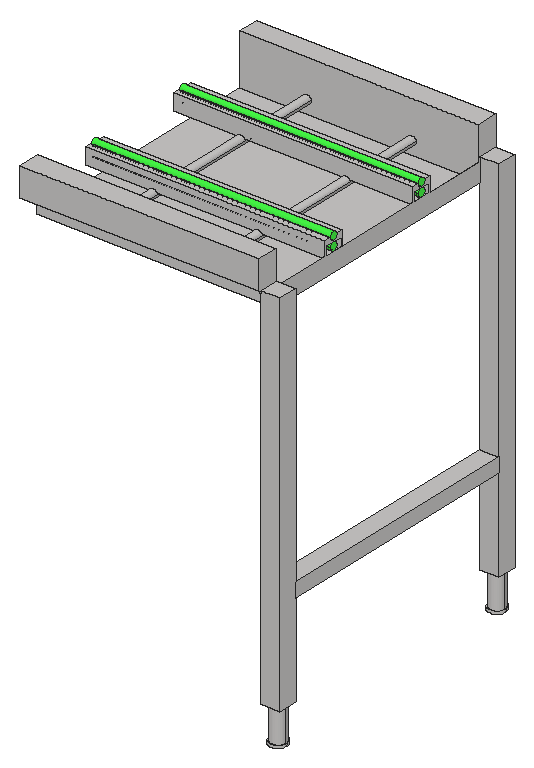
Revit family "QF_ELECTROLUXPROFESSIONAL_863143_HSBCC5", category Specialty Equipment, Revit 2018
Family settings
  Round Connector Dimension = Use Diameter
  Part Type = Normal
  Work Plane-Based = No
  Always vertical = Yes
  Cut with Voids When Loaded = No
  Shared = No
  Room Calculation Point = No
Parameters
  Weight = 0.00 kg
  Watts = 0 W
  Volts = 0 V
  URL Manufacturer = "http://professional.electrolux.com"
  URL = "http://professional.electrolux.com"
  Steam Supply Size = 0 mm
  Steam Supply Minimum Pressure = 0.0 Pa
  Steam Supply Maximum Pressure = 0.0 Pa
  Steam Pounds per Hour = 0
  Refrigeration Suction Line Size = 0 mm
  Refrigeration Liquid Line Size = 0 mm
  Refrigerant Compressor Remote = yes
  Manufacturer = "Electrolux"
  Phase = 0
  Model = "HSBCC5"
  Length Actual = 500 mm  # constant formula
  Item Number = "863143"
  Hot Water Size = 0 mm
  Height Actual = 910 mm  # constant formula
  HP = "0 HP"
  Gas Size = 0 mm
  Gas KW = 0
  Gas Input Pressure = 0 W
  Description = "CORD CONVEYOR FOR BASKETS, L=500 MM"
  Depth Actual = 620 mm  # constant formula
  Cycle = 0 Hz
  Condensate Return Size = 0 mm
  Compressed Air Volume = 0.0 L/s
  Compressed Air Size = 0 mm
  Compressed Air Pressure = 0.0 Pa
  Cold Water Size = 0 mm
  Accessory = yes
Reference planes
  plane 1 "Centro (Fronte/Retro)": y = 74.737
  plane 2: z = 0
  plane 3 "LEFT": x = -938.761
  plane 4 "BACK": y = 384.737
  plane 5 "FRONT": y = -235.263
  plane 6: z = 910
  plane 7 "RIGHT": x = -438.761
  plane 8: x = -688.761
Forms (mm)
  Extrusion 1, solid, material "QF_Finishes_Stainless Steel"
    sketch origin (11.239, 0, 0) x (0, 1, 0) y (0, 0, 1)
      loop
        line (-235.263, 910) -> (-235.263, 850.033) -> (-190.242, 850.033) -> (-190.242, 910) -> (-235.263, 910)
      loop
        line (384.737, 910) -> (339.716, 910) -> (339.716, 850.033) -> (384.737, 850.033) -> (384.737, 910)
    from -950 to -451.2
  Extrusion 2, solid, material "QF_Finishes_Stainless Steel"
    sketch origin (11.239, 0, 0) x (0, 1, 0) y (0, 0, 1)
      loop
        line (-191.727, 850.033) -> (-191.727, 800.081) -> (341.245, 800.081) -> (341.245, 850.033) -> (339.716, 850.033) -> (339.716, 803.081) -> (-190.242, 803.081) -> (-190.242, 850.033) -> (-191.727, 850.033)
    from -950 to -451.2
  Extrusion 3, solid, material "QF_Finishes_Stainless Steel"
    sketch origin (1061.239, 723.253, 4000) x (0, 1, 0) y (0, 0, 1)
      loop
        line (-958.516, -3090) -> (-958.516, -3149.967) -> (-934.752, -3185.632) -> (-915.4, -3185.632) -> (-915.4, -3199.919) -> (-381.633, -3199.919) -> (-381.633, -3185.632) -> (-362.281, -3185.632) -> (-338.516, -3149.967) -> (-338.516, -3090) -> (-383.538, -3090) -> (-383.538, -3161.926) -> (-913.495, -3161.926) -> (-913.495, -3090) -> (-958.516, -3090)
    from -1500 to -1501.2
  Extrusion 4, solid, material "QF_Finishes_Stainless Steel"
    sketch origin (-1477.522, 74.737, 0) x (-1, 0, 0) y (0, 0, -1)
      loop
        line (-1079.929, -300) -> (-1039.929, -300) -> (-1039.929, -270) -> (-1079.929, -270) -> (-1079.929, -300)
    from -266.504 to 266.46
  Revolve 5, solid, material "QF_Finishes_Stainless Steel"
    sketch origin (0, 74.737, 0) x (1, 0, 0) y (0, 0, 1)
      loop
        line (-765.255, 800.081) -> (-765.255, 786.333)
        arc (-765.255, 786.333) -> (-764.651, 784.73) -> (-763.151, 783.903) r 2.474
        arc (-763.151, 783.903) -> (-759.843, 780.044) -> (-763.138, 776.173) r 3.913
        arc (-763.138, 776.173) -> (-764.648, 775.341) -> (-765.255, 773.728) r 2.49
        line (-765.255, 773.728) -> (-765.255, 733.404)
        arc (-765.255, 733.404) -> (-754.605, 702.706) -> (-727.218, 685.219) r 49.516
        line (-727.218, 685.219) -> (-727.218, 682.73) -> (-726.011, 681.079) -> (-726.011, 679.492) -> (-712.231, 673.492) -> (-712.231, 638.761) -> (-710.707, 637.3) -> (-688.761, 637.3) -> (-688.761, 800.081) -> (-765.255, 800.081)
      axis (-688.761, 800.081) -> (-688.761, 637.3)
    angle from 0 to 360
  Extrusion 6, solid, material "QF_Finishes_Stainless Steel"
    sketch origin (0, 74.737, 0) x (1, 0, 0) y (0, 0, 1)
      loop
        circle (-798.761, 831.05) r 8.5
    from -265 to 264.979
  Extrusion 7, solid, material "QF_Finishes_Stainless Steel"
    sketch origin (2140, 74.737, 0) x (1, 0, 0) y (0, 0, 1)
      loop
        circle (-2718.761, 831.05) r 8.5
    from -265 to 265
  Extrusion 8, solid, material "QF_Finishes_Stainless Steel"
    sketch origin (-438.761, 0, 0) x (0, 1, 0) y (0, 0, 1)
      loop
        line (-62.763, 869.045) -> (-62.763, 835.05) -> (-60.363, 835.05) -> (-60.363, 857.845) -> (-19.763, 857.845) -> (-19.763, 835.05) -> (-17.763, 835.05) -> (-17.763, 869.045) -> (-30.056, 869.045) -> (-35.275, 860.005) -> (-45.251, 860.005) -> (-50.47, 869.045) -> (-62.763, 869.045)
      loop
        line (212.237, 869.045) -> (199.944, 869.045) -> (194.725, 860.005) -> (184.749, 860.005) -> (179.53, 869.045) -> (167.237, 869.045) -> (167.237, 835.05) -> (169.237, 835.05) -> (169.237, 857.845) -> (209.837, 857.845) -> (209.837, 835.05) -> (212.237, 835.05) -> (212.237, 869.045)
    from 0 to -500
  Extrusion 9, solid, material "QF_Finishes_Green"
    sketch origin (-438.761, 0, 0) x (0, 1, 0) y (0, 0, 1)
      loop
        circle (-40.263, 868.505) r 7.5
      loop
        circle (-40.263, 848.505) r 7.5
      loop
        circle (189.737, 868.505) r 7.5
      loop
        circle (189.737, 848.505) r 7.5
    from 0 to -500
Cuts and joins
  joined: Extrusion 1, Extrusion 2, Extrusion 3, Extrusion 6, Extrusion 7, Extrusion 8
Lines and regions (mm)
  Split face 1
    outline origin (-223.782, -239.063, 803.081) x (0, 1, 0) y (-1, 0, 0)
      loop
        circle (313.8, 464.979) r 3
  Split face 2
    outline origin (-223.782, -239.063, 803.081) x (0, 1, 0) y (-1, 0, 0)
      loop
        circle (313.8, 464.979) r 9
  Split face 3
    outline origin (-223.782, -239.063, 803.081) x (0, 1, 0) y (-1, 0, 0)
      loop
        circle (313.8, 464.979) r 26
  Split face 4
    outline origin (-223.782, -239.063, 803.081) x (0, 1, 0) y (-1, 0, 0)
      loop
        circle (313.8, 464.979) r 36
  Split face 5
    outline origin (-223.782, -239.063, 803.081) x (0, 1, 0) y (-1, 0, 0)
      loop
        circle (313.8, 464.979) r 53
  symbolic lines
    curve 1: line (-438.761, 384.737, 0) -> (-938.761, 384.737, 0)
    curve 2: line (-938.761, 384.737, 0) -> (-938.761, -235.263, 0)
    curve 3: line (-938.761, 339.716, 0) -> (-438.761, 339.716, 0)
    curve 4: line (-938.761, -235.263, 0) -> (-438.761, -235.263, 0)
    curve 5: line (-438.761, -235.263, 0) -> (-438.761, 384.737, 0)
    curve 6: line (-438.761, -190.242, 0) -> (-938.761, -190.242, 0)
    curve 7: line (-938.761, 74.737, 0) -> (-908.761, 74.737, 0)
    curve 8: line (-438.761, 74.737, 0) -> (-468.761, 74.737, 0)
    curve 9: circle (-688.761, 74.737, 0) r 23.47 normal (0, 0, 1)
    curve 10: line (-438.761, 212.237, 0) -> (-938.761, 212.237, 0)
    curve 11: line (-938.761, 167.237, 0) -> (-438.761, 167.237, 0)
    curve 12: line (-438.761, -17.763, 0) -> (-938.761, -17.763, 0)
    curve 13: line (-938.761, -62.763, 0) -> (-438.761, -62.763, 0)
    curve 14: line (-938.761, -47.763, 0) -> (-438.761, -47.763, 0)
    curve 15: line (-938.761, -32.763, 0) -> (-438.761, -32.763, 0)
    curve 16: line (-938.761, 197.237, 0) -> (-438.761, 197.237, 0)
    curve 17: line (-938.761, 182.237, 0) -> (-438.761, 182.237, 0)
    curve 18: line (-807.261, 339.716, 0) -> (-807.261, 212.237, 0)
    curve 19: line (-790.261, 339.716, 0) -> (-790.261, 212.237, 0)
    curve 20: line (-790.261, 167.237, 0) -> (-790.261, -17.763, 0)
    curve 21: line (-807.261, 167.237, 0) -> (-807.261, -17.763, 0)
    curve 22: line (-807.261, -62.763, 0) -> (-807.261, -190.242, 0)
    curve 23: line (-790.261, -62.763, 0) -> (-790.261, -190.242, 0)
    curve 24: line (-587.261, 339.716, 0) -> (-587.261, 212.237, 0)
    curve 25: line (-570.261, 339.716, 0) -> (-570.261, 212.237, 0)
    curve 26: line (-570.261, 167.237, 0) -> (-570.261, -17.763, 0)
    curve 27: line (-587.261, 167.237, 0) -> (-587.261, -17.763, 0)
    curve 28: line (-587.261, -62.763, 0) -> (-587.261, -190.242, 0)
    curve 29: line (-570.261, -62.763, 0) -> (-570.261, -190.242, 0)
Dimensions and locks
  plane 3 "LEFT" to plane 7 "RIGHT" = 500 mm
  equal spacing: plane 4 "BACK", plane 1 "Centro (Fronte/Retro)", plane 5 "FRONT"
  plane 4 "BACK" to plane 5 "FRONT" = 620 mm
  equal spacing: plane 3 "LEFT", plane 8, plane 7 "RIGHT"
  locked: Extrusion 6 sketch curve to plane 3 "LEFT" at 140
  locked: plane 7 "RIGHT" to Extrusion 7 sketch curve at 140
  aligned and locked: level to plane 2
  aligned and locked: curve 9 to Revolve 5
  aligned and locked: plane 8 to Split face 5  (x2)
  aligned and locked: plane 8 to Split face 4  (x2)
  aligned and locked: plane 8 to cut or joined group of Extrusion 1, Extrusion 2, Extrusion 3, Extrusion 6, Extrusion 7, Extrusion 8  (x4)
  aligned and locked: plane 8 to Split face 3  (x2)
  aligned and locked: plane 8 to Split face 2  (x2)
  aligned and locked: plane 8 to Split face 1  (x2)
  aligned and locked: Extrusion 2 to plane 3 "LEFT"
  aligned and locked: Extrusion 1 to plane 3 "LEFT"
  aligned and locked: Extrusion 8 to plane 3 "LEFT"
  aligned and locked: cut or joined group of Extrusion 1, Extrusion 2, Extrusion 3, Extrusion 6, Extrusion 7, Extrusion 8 to plane 3 "LEFT"  (x2)
  aligned and locked: plane 3 "LEFT" to curve 6
  aligned and locked: plane 3 "LEFT" to curve 4
  aligned and locked: Extrusion 9 to plane 3 "LEFT"
Automatic sketch dimensions
  Extrusion 1 sketch curve to plane 5 "FRONT" = 0 mm
  Extrusion 1 sketch curve to plane 6 = 0 mm  (x2)
  Extrusion 1 sketch curve to plane 4 "BACK" = 0 mm
  plane 5 "FRONT" to Extrusion 1 sketch curve = 45.021 mm
  Extrusion 1 sketch curve to plane 4 "BACK" = 45.021 mm
  Extrusion 1 sketch curve to Extrusion 1 sketch curve = 59.967 mm  (x2)
  plane 5 "FRONT" to Extrusion 2 sketch curve = 43.536 mm
  Extrusion 2 sketch curve to Extrusion 2 sketch curve = 1.486 mm
  Extrusion 2 sketch curve to plane 4 "BACK" = 45.021 mm
  Extrusion 2 sketch curve to Extrusion 2 sketch curve = 1.529 mm
  Extrusion 2 sketch curve to plane 6 = 109.919 mm
  Extrusion 2 sketch curve to Extrusion 2 sketch curve = 3 mm
  Extrusion 2 sketch curve to Extrusion 2 sketch curve = 46.952 mm  (x2)
  Extrusion 3 sketch curve to plane 5 "FRONT" = 0 mm
  Extrusion 3 sketch curve to plane 6 = 0 mm  (x2)
  Extrusion 3 sketch curve to plane 4 "BACK" = 0 mm
  plane 5 "FRONT" to Extrusion 3 sketch curve = 23.764 mm
  Extrusion 3 sketch curve to Extrusion 3 sketch curve = 19.352 mm  (x2)
  plane 5 "FRONT" to Extrusion 3 sketch curve = 45.021 mm
  Extrusion 3 sketch curve to plane 4 "BACK" = 45.021 mm
  Extrusion 3 sketch curve to Extrusion 3 sketch curve = 1.905 mm
  Extrusion 3 sketch curve to Extrusion 3 sketch curve = 59.967 mm  (x2)
  Extrusion 3 sketch curve to Extrusion 3 sketch curve = 11.959 mm
  Extrusion 3 sketch curve to Extrusion 3 sketch curve = 23.706 mm  (x2)
  Extrusion 3 sketch curve to Extrusion 3 sketch curve = 14.287 mm
  Extrusion 4 sketch curve to plane 7 "RIGHT" = 41.168 mm
  Extrusion 4 sketch curve to plane 7 "RIGHT" = 1.168 mm
  Extrusion 4 sketch curve to level = 270 mm
  Extrusion 4 sketch curve to Extrusion 4 sketch curve = 30 mm
  Extrusion 6 sketch curve to plane 6 = 78.95 mm
  Extrusion 7 sketch curve to plane 6 = 78.95 mm
  plane 1 "Centro (Fronte/Retro)" to Extrusion 8 sketch curve = 137.5 mm
  Extrusion 8 sketch curve to Extrusion 8 sketch curve = 2.4 mm  (x2)
  Extrusion 8 sketch curve to plane 6 = 40.955 mm  (x3)
  Extrusion 8 sketch curve to Extrusion 8 sketch curve = 12.293 mm  (x2)
  Extrusion 8 sketch curve to Extrusion 8 sketch curve = 5.219 mm  (x4)
  Extrusion 8 sketch curve to Extrusion 8 sketch curve = 9.976 mm  (x2)
  Extrusion 8 sketch curve to Extrusion 8 sketch curve = 10.293 mm
  Extrusion 8 sketch curve to Extrusion 8 sketch curve = 2 mm  (x2)
  Extrusion 8 sketch curve to plane 1 "Centro (Fronte/Retro)" = 92.5 mm
  Extrusion 8 sketch curve to plane 6 = 49.995 mm
  Extrusion 8 sketch curve to Extrusion 8 sketch curve = 9.893 mm
  Extrusion 8 sketch curve to Extrusion 8 sketch curve = 11.2 mm
  Extrusion 8 sketch curve to Extrusion 8 sketch curve = 2.16 mm
  Extrusion 8 sketch curve to Extrusion 8 sketch curve = 22.795 mm  (x4)
  Extrusion 8 sketch curve to Extrusion 8 sketch curve = 9.04 mm  (x2)
  plane 1 "Centro (Fronte/Retro)" to Extrusion 9 sketch curve = 115 mm
  Extrusion 9 sketch curve to Extrusion 9 sketch curve = 0 mm  (x2)
  Extrusion 9 sketch curve to plane 1 "Centro (Fronte/Retro)" = 115 mm
  Extrusion 9 sketch curve to plane 6 = 61.495 mm  (x2)
  Extrusion 9 sketch curve to Extrusion 9 sketch curve = 20 mm  (x2)
  plane 1 "Centro (Fronte/Retro)" to curve 7 = 0 mm
  plane 1 "Centro (Fronte/Retro)" to curve 8 = 0 mm
  curve 15 to plane 7 "RIGHT" = 0 mm
  curve 4 to plane 5 "FRONT" = 0 mm
  curve 2 to plane 4 "BACK" = 0 mm
  plane 3 "LEFT" to curve 7 = 30 mm
  curve 18 to plane 4 "BACK" = 45.021 mm
  plane 3 "LEFT" to curve 18 = 131.5 mm
  plane 5 "FRONT" to curve 22 = 45.021 mm
  plane 3 "LEFT" to curve 22 = 131.5 mm
  curve 21 to curve 18 = 0 mm
  curve 18 to curve 19 = 17 mm
  curve 21 to curve 20 = 17 mm
  curve 22 to curve 23 = 17 mm
  curve 28 to plane 7 "RIGHT" = 148.5 mm
  curve 24 to plane 7 "RIGHT" = 148.5 mm
  curve 27 to curve 28 = 0 mm
  curve 27 to curve 26 = 17 mm
  curve 24 to curve 25 = 17 mm
  curve 28 to curve 29 = 17 mm
  curve 8 to plane 7 "RIGHT" = 30 mm
  curve 13 to curve 14 = 15 mm
  curve 14 to curve 15 = 15 mm
  curve 15 to curve 12 = 15 mm
  curve 11 to curve 17 = 15 mm
  curve 16 to curve 10 = 15 mm
  Revolve 5 sketch curve to plane 8 = 0 mm  (x2)
  Revolve 5 sketch curve to Revolve 5 sketch curve = 21.946 mm
  Revolve 5 sketch curve to Revolve 5 sketch curve = 1.524 mm
  Revolve 5 sketch curve to plane 8 = 26.978 mm
  Revolve 5 sketch curve to Revolve 5 sketch curve = 13.78 mm
  Revolve 5 sketch curve to Revolve 5 sketch curve = 1.206 mm
  Revolve 5 sketch curve to Revolve 5 sketch curve = 47.026 mm
  Revolve 5 sketch curve to Revolve 5 sketch curve = 0.016 mm  (x3)
  Revolve 5 sketch curve to Revolve 5 sketch curve = 0.976 mm
  Revolve 5 sketch curve to Revolve 5 sketch curve = 2.474 mm
  Revolve 5 sketch curve to Revolve 5 sketch curve = 2.49 mm
  Revolve 5 sketch curve to Revolve 5 sketch curve = 0 mm
  Revolve 5 sketch curve to plane 6 = 272.7 mm
  Revolve 5 sketch curve to Revolve 5 sketch curve = 1.461 mm
  Revolve 5 sketch curve to Revolve 5 sketch curve = 34.731 mm
  Revolve 5 sketch curve to Revolve 5 sketch curve = 6 mm
  Revolve 5 sketch curve to Revolve 5 sketch curve = 1.588 mm
  Revolve 5 sketch curve to Revolve 5 sketch curve = 1.651 mm
  Revolve 5 sketch curve to Revolve 5 sketch curve = 2.488 mm
  Revolve 5 sketch curve to Revolve 5 sketch curve = 48.167 mm
  Revolve 5 sketch curve to Revolve 5 sketch curve = 40.307 mm
  Revolve 5 sketch curve to Revolve 5 sketch curve = 6.326 mm
  Revolve 5 sketch curve to Revolve 5 sketch curve = 6.296 mm
  Revolve 5 sketch curve to Revolve 5 sketch curve = 13.748 mm
  Revolve 5 sketch curve to Revolve 5 sketch curve = 0.373 mm
  Revolve 5 sketch curve to Revolve 5 sketch curve = 38.557 mm
  plane 6 to Revolve 5 sketch curve = 8.743 mm
  cut or joined group of Extrusion 1, Extrusion 2, Extrusion 3, Extrusion 6, Extrusion 7, Extrusion 8 to Split face 1 sketch curve = 264.979 mm
  cut or joined group of Extrusion 1, Extrusion 2, Extrusion 3, Extrusion 6, Extrusion 7, Extrusion 8 to Split face 1 sketch curve = 248.8 mm
  cut or joined group of Extrusion 1, Extrusion 2, Extrusion 3, Extrusion 6, Extrusion 7, Extrusion 8 to Split face 2 sketch curve = 264.979 mm
  cut or joined group of Extrusion 1, Extrusion 2, Extrusion 3, Extrusion 6, Extrusion 7, Extrusion 8 to Split face 2 sketch curve = 248.8 mm
  cut or joined group of Extrusion 1, Extrusion 2, Extrusion 3, Extrusion 6, Extrusion 7, Extrusion 8 to Split face 3 sketch curve = 264.979 mm
  cut or joined group of Extrusion 1, Extrusion 2, Extrusion 3, Extrusion 6, Extrusion 7, Extrusion 8 to Split face 3 sketch curve = 248.8 mm
  cut or joined group of Extrusion 1, Extrusion 2, Extrusion 3, Extrusion 6, Extrusion 7, Extrusion 8 to Split face 4 sketch curve = 264.979 mm
  cut or joined group of Extrusion 1, Extrusion 2, Extrusion 3, Extrusion 6, Extrusion 7, Extrusion 8 to Split face 4 sketch curve = 248.8 mm
  cut or joined group of Extrusion 1, Extrusion 2, Extrusion 3, Extrusion 6, Extrusion 7, Extrusion 8 to Split face 5 sketch curve = 264.979 mm
  cut or joined group of Extrusion 1, Extrusion 2, Extrusion 3, Extrusion 6, Extrusion 7, Extrusion 8 to Split face 5 sketch curve = 248.8 mm
  curve 6 to curve 13 = 127.479 mm
  curve 20 to curve 19 = 45 mm
  curve 26 to plane 1 "Centro (Fronte/Retro)" = 92.5 mm
  radius of Extrusion 6 sketch curve = 8.5 mm
  radius of Extrusion 7 sketch curve = 8.5 mm
  radius of Extrusion 9 sketch curve = 7.5 mm  (x4)
  radius of Split face 1 sketch curve = 3 mm
  radius of Split face 2 sketch curve = 9 mm
  radius of Split face 3 sketch curve = 26 mm
  radius of Split face 4 sketch curve = 36 mm
  radius of Split face 5 sketch curve = 53 mm
Nested families
  nested 1: "Foot_40x40" at (-417.593, 361.245, 0) x (-1, 0, 0) z (0, 0, 1), type "Foot_40x40"
    with A 850.033 mm
  nested 2: "Foot_40x40" at (-417.593, -211.771, 0) x (-1, 0, 0) z (0, 0, 1), type "Foot_40x40"
    with A 850.033 mm
Connectors
  piping at (-688.761, 74.737, 637.3), diameter 40
    settings: on Revolve 5, index 1, connector inside diameter 609.6 mm, connector length 0 mm, flow factor 0, pipe flow 0.0 L/s, pressure drop 0.0 Pa, fitting loss kfactor 0, connector angle 0.00°, fixture units 0, engagement length 0 mm, angle of deflection 0.00°, flow configuration 1, flow direction 2, fitting loss method 0, system type 16, joint type 0, gender type 0, connector reference index -1, connector utility 0, adjustable connector no, is connector primary yes, connector description "Drain"
Definition of nested family "Foot_40x40"
  Parameters
    A [instance] = 850 mm
  Reference planes
    plane 1 "Centro (Fronte/Retro)": y = 0
    plane 2: z = 0
    plane 3 "Centro (Sinistra/Destra)": x = 0
    plane 4: z = 850
  Forms (mm)
    Extrusion 1, solid
      sketch origin (0, 0, 0) x (1, 0, 0) y (0, 1, 0)
        loop
          circle (0, 0) r 18
      from 0 to 5
    Extrusion 2, solid
      sketch origin (0, 0, 5) x (1, 0, 0) y (0, 1, 0)
        loop
          circle (0, 0) r 15
      from 0 to 70
    Extrusion 3, solid
      sketch origin (0, 0, 75) x (1, 0, 0) y (0, 1, 0)
        loop
          line (-20, 20) -> (-20, -20) -> (20, -20) -> (20, 20) -> (-20, 20)
      from 0 to 775
  Dimensions and locks
    "A": plane 4 to plane 2
    aligned and locked: level to plane 2
    aligned and locked: plane 4 to Extrusion 3
    aligned and locked: Extrusion 1 to level
  Automatic sketch dimensions
    plane 1 "Centro (Fronte/Retro)" to Extrusion 1 sketch curve = 0 mm
    Extrusion 1 sketch curve to plane 3 "Centro (Sinistra/Destra)" = 0 mm
    Extrusion 3 sketch curve to Extrusion 3 sketch curve = 40 mm  (x2)
    radius of Extrusion 1 sketch curve = 18 mm
    radius of Extrusion 2 sketch curve to Extrusion 1 = 3 mm
